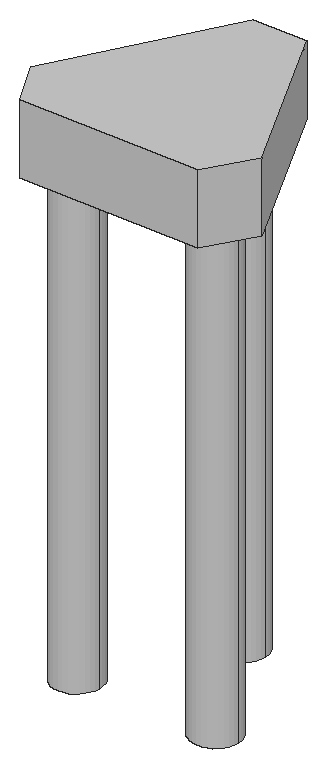
Revit family "Bloco de fundação - 3 Estacas", category Fundações estruturais, Revit 2019
Family settings
  Material para o comportamento do modelo = Outros
  Cap = Não
  Com base no plano de trabalho = Não
  Sempre na vertical = Sim
  Corte com vazios quando carregada = Não
  Compartilhado = Não
Parameters (values of type "2760x3000x900mm")
  Largura 1 = Apuramento / sqrt(3) * 2  # 692.82 mm
  Largura = 3000 mm
  Recuo da largura = 500 mm
  Structural Material [instance] = Concreto - Moldado in loco
  Profundidade da estaca [instance] = 6000 mm
  Comprimento 1 = 800 mm
  Tipo do pilar [instance] = Estaca de concreto : Diâmetro de 600 mm
  Comprimento = 2760 mm
  Espessura da fundação = 900 mm
  Distância 1 = Largura 1 / 2  # 346.41 mm
  Distância = 1815 mm
  Cortado = 100 mm
  Apuramento = 600 mm
  Código de montagem = "A1010130"
Reference planes
  plane 1 "Centro (Frente/Trás)": y = 29.2
  plane 2: z = 0
  plane 3 "Centro (Esquerda/Direita)": x = -370.069
  plane 4: x = -1870.069
  plane 5: x = 1129.931
  plane 6: y = 1844.2
  plane 7: y = -915.8
  plane 8: z = -900
  plane 9: x = -1270.069
  plane 10: x = 529.931
  plane 11: y = 1244.2
  plane 12: y = -315.8
  plane 13: x = -23.659
  plane 14: x = -716.48
  plane 15: z = -800
  plane 16: x = -1523.659
  plane 17: x = 783.52
  plane 18: z = -6900
Forms (mm)
  Extrusion 1, solid, material "Concreto - Moldado in loco" <- "Structural Material"
    sketch origin (0, 0, 0) x (1, 0, 0) y (0, 1, 0)
      loop
        line (-716.48, 1844.2) -> (-1870.069, -315.8) -> (-1523.659, -915.8) -> (783.52, -915.8) -> (1129.931, -315.8) -> (-23.659, 1844.2) -> (-716.48, 1844.2)
    from -900 to 0
Dimensions and locks
  "Largura": plane 4 to plane 5
  "Comprimento": plane 6 to plane 7
  equal spacing: plane 4, plane 3 "Centro (Esquerda/Direita)", plane 5
  "Espessura da fundação": plane 2 to plane 8
  "Apuramento": plane 4 to plane 9
  "Apuramento": plane 10 to plane 5
  "Apuramento": plane 6 to plane 11
  "Apuramento": plane 7 to plane 12
  "Cortado": plane 15 to plane 8
  equal spacing: plane 14, plane 3 "Centro (Esquerda/Direita)", plane 13
  "Largura 1": plane 14 to plane 13
  "Distância": plane 1 "Centro (Frente/Trás)" to plane 6
  "Distância 1": plane 4 to plane 16
  "Distância 1": plane 17 to plane 5
  "Profundidade da estaca": plane 8 to plane 18
  aligned and locked: level to Extrusion 1
  aligned and locked: Extrusion 1 to plane 8
  aligned and locked: plane 11 to nested 1
  aligned and locked: nested 1 to plane 3 "Centro (Esquerda/Direita)"
  aligned and locked: plane 15 to nested 1
  aligned and locked: plane 12 to nested 2
  aligned and locked: nested 2 to plane 9
  aligned and locked: plane 12 to nested 3
  aligned and locked: plane 10 to nested 3
  aligned and locked: nested 2 to plane 15
  aligned and locked: plane 15 to nested 3
  aligned and locked: Extrusion 1 sketch curve to plane 6
  aligned and locked: plane 13 to Extrusion 1 sketch curve
  aligned and locked: plane 12 to Extrusion 1 sketch curve  (x2)
  aligned and locked: plane 5 to Extrusion 1 sketch curve
  aligned and locked: plane 17 to Extrusion 1 sketch curve
  aligned and locked: plane 7 to Extrusion 1 sketch curve
  aligned and locked: plane 16 to Extrusion 1 sketch curve
  aligned and locked: plane 4 to Extrusion 1 sketch curve
  aligned and locked: plane 14 to Extrusion 1 sketch curve
Nested families
  nested 1: "Estaca de concreto" at (-370.069, 1244.2, -900), type <- "Tipo do pilar", Emblocamento mínimo <- "Cortado", Linear <- "Profundidade da estaca", type "Diâmetro de 600 mm"
  nested 2: "Estaca de concreto" at (-1270.069, -315.8, -900), type <- "Tipo do pilar", Emblocamento mínimo <- "Cortado", Linear <- "Profundidade da estaca", type "Diâmetro de 600 mm"
  nested 3: "Estaca de concreto" at (529.931, -315.8, -900), type <- "Tipo do pilar", Emblocamento mínimo <- "Cortado", Linear <- "Profundidade da estaca", type "Diâmetro de 600 mm"
Definition of nested family "Estaca de concreto"
  Parameters
    Structural Material [instance] = none
    Raio = Diâmetro / 2  # 300 mm
    Emblocamento mínimo [instance] = 100 mm
    Diâmetro = 600 mm
    Linear [instance] = 6000 mm
  Reference planes
    plane 1 "Centro (Frente/Trás)": y = 0
    plane 2: z = 0
    plane 3 "Centro (Esquerda/Direita)": x = 0
    plane 4: z = 100
    plane 5: z = -6000
  Forms (mm)
    Extrusion 1, solid, material <- "Structural Material"
      sketch origin (0, 0, 0) x (1, 0, 0) y (0, 1, 0)
        loop
          circle (0, 0) r 300
      from -6000 to 100
  Dimensions and locks
    "Emblocamento mínimo": plane 4 to plane 2
    "Linear": plane 2 to plane 5
    "Raio": radius of Extrusion 1 sketch curve
    aligned and locked: plane 2 to level
    aligned and locked: plane 1 "Centro (Frente/Trás)" to Extrusion 1 sketch curve
    aligned and locked: plane 3 "Centro (Esquerda/Direita)" to Extrusion 1 sketch curve
    aligned and locked: Extrusion 1 to plane 5
    aligned and locked: plane 4 to Extrusion 1
